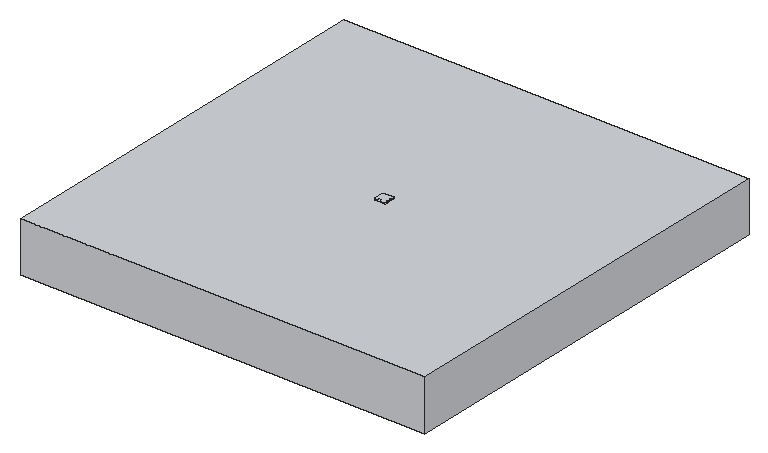
Revit family "Gira_011600", category Allgemeines Modell, Revit 2017
Family settings
  Basisbauteil = Fläche
  Kann Basisbauteil für Bewehrung sein = Nein
  Bemaßung runder Anschluss = Durchmesser verwenden
  Teiletyp = Normal
  Beim Laden mit Abzugskörper schneiden = Nein
  Gemeinsam genutzt = Nein
  Raumberechnungspunkt = Nein
Parameters
  Zusammenstellung = "Basiselement"
  Zufallsgenerator = no
  Werkstoffgüte = "sonstige"
  Werkstoff = "sonstige"
  Waschmaschinenschalter = no
  Default Elevation = 1219.2 mm
  Verwendbar mit Zeitschalter/Timer = no
  Verwendbar mit Taste = yes
  Verwendbar mit Präsenzmelder = no
  Verwendbar mit IR-Taste = no
  Verwendbar mit Funktaste = no
  Verwendbar mit Bewegungsmelder = no
  URL = "https://www.gira.de/"
  Typname = "Wipp-Kontroll AusWe Einsatz"
  Transparent = no
  Textfeld/Beschriftungsfläche 2 = "nein"
  Textfeld/Beschriftungsfläche 1 = "nein"
  Textfeld/Beschriftungsfläche = no
  Tastschalter = no
  Seriendimmer = no
  Schaltungsart = "Wechselschalter"
  Rückmeldekontakt = no
  Produktseite = "http://katalog.gira.de/de_DE/datenblatt.html?artikelnr=011600"
  Oberfläche = "sonstige"
  Nennspannung [Volt] 5 = 230
  Nennspannung [Volt] 2 = 230
  Nennspannung [Volt] 19 = 250
  Nennspannung [Volt] 18 = 250
  Nennspannung [Volt] 17 = 250
  Nennspannung [Volt] 13 = 250
  Nennspannung [Volt] 1 = 230
  Nennspannung [Volt] = "[230:230]"
  Nebenstelleneingang = yes
  Montageart = "Unterputz"
  Mit Montageplatte = no
  Mit Memory-Funktion = no
  Mit Helligkeitssensoranschluss = no
  Mit Glasbruchmelderanschluss = no
  Mit Beleuchtung = no
  Mit Astro-Programm = no
  Max. Schaltleistung [Voltampere] = 1000
  Lichtwertspeicher = no
  Lastart = "sonstige"
  Kontakte = "1 Schließer"
  Integrierte Zeitschaltuhr = no
  Hersteller = "Gira"
  Halogenfrei = no
  HAN = "011600"
  Geeignet für Windsensor = no
  Geeignet für Schutzart (IP) = "IP20"
  Geeignet für Regensensor = no
  GTIN = "4010337116004"
  Funk bidirektional = no
  Frequenz [Hz] = "[50:50]"
  Farbe = "sonstige"
  Dimmung Phasenanschnitt = no
  Dimmung Phasenabschnitt = no
  Datenblatt = "https://katalog.gira.de/de_DE/download.html?artikelnr=011600"
  Bussystem Powernet = no
  Bussystem LON = no
  Bussystem KNX-Funk = no
  Bussystem KNX = yes
  Bussystem Funkbus = no
  Beschreibung = "Einsatz Wipp-Kontrollschalter 10 AX 250 V~ mit Glimmlampenelement 230 V  Universal- Aus-Wechselschalter Hinweise : - Auch beleuchtet anschließbar."
  Bemessungsstrom = 10 A
  Beleuchtungsfunktion = "beleuchtet wenn eingeschaltet"
  Beleuchtungsart = "Glimmlampe"
  Beleuchtung = "ja"
  Befestigungsart = "Krallen-/Schraubbefestigung"
  Bedienungsart = "Wippe/Taste"
  BIM = "https://media.stage.bim.site/public/gira/876eb45/Einsatz_1fach.rfa"
  Aussperrsicherung = no
  Ausführung der Oberfläche = "nicht zutreffend"
  Ausführung = "Einzeltaster"
  Aufdruck = "ohne"
  App-Steuerung über Bluetooth = no
  Anzahl der Module (bei Modulbauweise) = 1
  Anzahl der Betätigungswippen = 1
  Anschlussart = "Steckklemme"
  Andere Bussysteme = "ohne"
Reference planes
  plane 1 "Center (Front/Back)": y = 0
  plane 2: z = 0
  plane 3 "Center (Left/Right)": x = 0
Forms (mm)
  Extrusion 1, solid
    sketch origin (0, 0, 0) x (1, 0, 0) y (0, 1, 0)
      loop
        line (-1219.2, 1219.2) -> (-1219.2, -1219.2) -> (1219.2, -1219.2) -> (1219.2, 1219.2) -> (-1219.2, 1219.2)
    from 0 to -304.8
  Extrusion 2, solid, detail levels fine
    sketch origin (0, 0, 0) x (1, 0, 0) y (0, 1, 0)
      loop
        line (27.475, 35.475) -> (-27.475, 35.475)
        arc (-27.475, 35.475) -> (-33.132, 33.132) -> (-35.475, 27.475) r 8
        line (-35.475, 27.475) -> (-35.475, -27.475)
        arc (-35.475, -27.475) -> (-33.132, -33.132) -> (-27.475, -35.475) r 8
        line (-27.475, -35.475) -> (27.475, -35.475)
        arc (27.475, -35.475) -> (33.132, -33.132) -> (35.475, -27.475) r 8
        line (35.475, -27.475) -> (35.475, 27.475)
        arc (35.475, 27.475) -> (33.132, 33.132) -> (27.475, 35.475) r 8
    from 0 to 1.8
  Extrusion 3, solid, detail levels fine
    sketch origin (0, 0, 0) x (1, 0, 0) y (0, 1, 0)
      loop
        line (9.678, 25.4) -> (-9.678, 25.4)
        arc (-9.678, 25.4) -> (-12.885, 24.922) -> (-15.814, 23.53) r 11
        arc (-15.814, 23.53) -> (-17.795, 22.07) -> (-19.641, 20.444) r 28.35
        arc (-19.641, 20.444) -> (-21.339, 18.665) -> (-22.876, 16.745) r 28.35
        arc (-22.876, 16.745) -> (-24.456, 13.666) -> (-25, 10.248) r 11
        line (-25, 10.248) -> (-25, -10.248)
        arc (-25, -10.248) -> (-24.456, -13.666) -> (-22.876, -16.745) r 11
        arc (-22.876, -16.745) -> (-20.409, -19.677) -> (-17.569, -22.25) r 28.35
        line (-17.569, -22.25) -> (17.569, -22.25)
        arc (17.569, -22.25) -> (20.409, -19.677) -> (22.876, -16.745) r 28.35
        arc (22.876, -16.745) -> (24.456, -13.666) -> (25, -10.248) r 11
        line (25, -10.248) -> (25, 10.248)
        arc (25, 10.248) -> (24.456, 13.666) -> (22.876, 16.745) r 11
        arc (22.876, 16.745) -> (21.593, 18.37) -> (20.195, 19.897) r 28.35
        arc (20.195, 19.897) -> (18.096, 21.823) -> (15.814, 23.53) r 28.35
        arc (15.814, 23.53) -> (12.885, 24.922) -> (9.678, 25.4) r 11
    from 0 to -22
  Extrusion 4, solid, detail levels medium
    sketch origin (0, 0, 0) x (1, 0, 0) y (0, 1, 0)
      loop
        line (-25, 25.4) -> (-25, -22.25) -> (25, -22.25) -> (25, 25.4) -> (-25, 25.4)
    from 0 to -22
  Extrusion 5, solid, detail levels coarse
    sketch origin (0, 0, 0) x (1, 0, 0) y (0, 1, 0)
      loop
        line (35.475, 35.475) -> (-35.475, 35.475) -> (-35.475, -35.475) -> (35.475, -35.475) -> (35.475, 35.475)
    from -22 to 1.8
  Extrusion 6, solid, detail levels medium
    sketch origin (0, 0, 0) x (1, 0, 0) y (0, 1, 0)
      loop
        line (35.475, 35.475) -> (-35.475, 35.475) -> (-35.475, -35.475) -> (35.475, -35.475) -> (35.475, 35.475)
    from 0 to 1.8
Dimensions and locks
  aligned and locked: plane 2 to Extrusion 1
  aligned and locked: level to Extrusion 1
Connectors
  electrical at (0, 0, -22)
    settings: on Extrusion 5, index 1, voltage 220 V, apparent load 0 VA, apparent load phase1 0 VA, apparent load phase2 0 VA, apparent load phase3 0 VA, power factor 1, load classification "Other", number of poles 1, system type 30, power factor state 1, is connector primary yes, connector utility no, sub classification motor no, connector description ""
